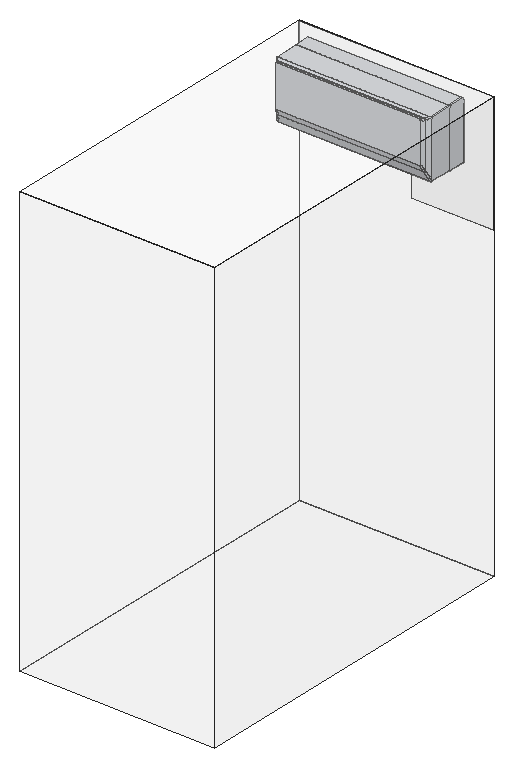
Revit family "pkfy-mp22_56lm_50hz", category 機械設備, Revit 2019
Family settings
  丸型コネクタ寸法 = 直径を使用
  パーツ タイプ = 標準
  OmniClass 番号 = 23.75.10.24.21.27.27
  OmniClass タイトル = Split System Air Conditioning Units
  作業面ベース = いいえ
  常に垂直 = はい
  ロード時にボイドで切り取り = いいえ
  共有 = いいえ
  部屋計算ポイント = はい
Parameters (values of type "壁掛_PKFY-MP22LM")
  風量_強 (m3/min) = 6.5
  風量_弱 (m3/min) = 5
  風量_中2 (m3/min) = 5.5
  風量_中 (m3/min) = 6
  風量 = MAX風量  # 390.0 m³/h
  音響パワーレベル_弱 (dB) = 45
  音響パワーレベル_中2 (dB) = 47
  音響パワーレベル_中 (dB) = 49
  音響パワーレベル_強 (dB) = 51
  音響パワーレベル(dB) = [音響パワーレベル_強 (dB)]  # 51
  電源種別 = ""
  電源_H = 0 mm
  電圧_電気ヒーター = 0 V
  電圧 = 200 V
  電動機出力_送風機 = 0.03 kW
  運転質量 = 0.00 kg
  連動 = ""
  質量 = if(製品質量 > 運転質量, 製品質量, 運転質量) * 1.2  # 13.32 kg
  負荷分類 = 3_ファン類
  構成品番 = "PKFY-MP22LM"
  冷媒液管位置-Z = 280 mm
  冷媒液管位置-Y = 28 mm
  冷媒液管位置-X = 178 mm
  冷媒ガス管位置-Z = 268 mm
  冷媒ガス管位置-Y = 28 mm
  冷媒ガス管位置-X = 192 mm
  ドレン管径 (外径) = 29 mm
  ドレン位置-Z = 274 mm
  ドレン位置-Y = 42 mm
  ドレン位置-X = 160 mm
  【値が0の項目は室外機にてご確認ください】 = ""
  URL = "https://www.mitsubishielectric.co.jp/ldg/wink/ssl/top.do"
  Space Top = 50 mm
  Space Right_1 = 260 mm
  Space Right = 150 mm
  Space Left = 50 mm
  Space Bot_2 = 250 mm
  Space Bot_1 = 7 mm
  MIN風量 = [風量_弱 (m3/min)] * 60.0 m³/h  # 300.0 m³/h
  MID風量2 = [風量_中2 (m3/min)] * 60.0 m³/h  # 330.0 m³/h
  MID風量 = [風量_中 (m3/min)] * 60.0 m³/h  # 360.0 m³/h
  MAX風量 = [風量_強 (m3/min)] * 60.0 m³/h  # 390.0 m³/h
  説明 = "ビル用マルチエアコン 壁掛形"
  設計暖房能力 = 0.00 kW
  設計冷房能力_顕熱 = 0 kW
  設計冷房能力 = 0 kW
  設置方法 = "壁掛形"
  記号 = ""
  製造元 = "三菱電機株式会社"
  製品質量 = 11.10 kg
  製品出荷対象 = "国内"
  製品リリース年月 = ""
  製品グループ = ""
  系統 = ""
  符号 = "PAC_WR"
  積算_科目 = "1 空気調和設備"
  積算_拾い区分 [instance] = ""
  相 = 1
  盤記号 = ""
  発停方法 = "付属スイッチ"
  特殊仕様 = ""
  火災停止 = ""
  消費電力_電気ヒーター = 0.00 kW
  消費電力_暖房 = 0.02 kW
  消費電力_加湿器 = 0.00 kW
  消費電力_冷房 = 0.02 kW
  消費電力 = if(消費電力_冷房 > 消費電力_暖房, 消費電力_冷房, 消費電力_暖房) + 消費電力_加湿器 + 消費電力_電気ヒーター  # 0.02 kW
  法定耐用年数 = "6"
  極数 = 1
  材質 = ""
  本体マテリアル = none
  有効加湿量 = 0
  暖房能力 = 2.50 kW
  推奨ブレーカー容量 = 0 A
  形式_加湿器 = ""
  形式 = "壁掛（露出）形"
  幹線記号 = ""
  始動方式 = "直入"
  呼称 = "室内機_壁掛（露出）形"
  周波数 = 50 Hz
  吊り位置Y = 0 mm
  吊り位置X = 0 mm
  吊りボルト_H = 0 mm
  台数_手元リモコン = ""
  台数_冷媒分岐ユニット = ""
  参照している仕様書等のバージョン = "公共建築工事標準仕様書（機械設備工事編）平成31年度版"
  加湿給水管径 = 0.00 mm
  分類コード = "5.0053E+13"
  分類グループ = ""
  冷房能力 = 2.2 kW
  冷媒高低圧ガス管径 = 0.00 mm
  冷媒管径符号 = "Ac"
  冷媒管径 = 100.00 mm
  冷媒液管径 = 6.35 mm
  冷媒ガス管径 = 12.70 mm
  企業コード = "108420"
  付属品_フィルター = ""
  付属品 = ""
  仕様書バージョン = "Version1.0"
  Model = ""
  パネルマテリアル = none
  ドレン管径 = 16.00 mm
  サービススペース = yes
  コメント [instance] = ""
  ケーブル種類 = ""
  ケーブルサイズ = 0 mm
  Width = 773 mm
  Uniclass2015Version = "Systems v1.9"
  Uniclass2015Title = "Split coil remote air cooled condensing units"
  Uniclass2015Code = "Pr_70_65_03_84"
  SpecificationReference = ""
  SpecificationDescription = ""
  S_H = 356 mm
  Revision = ""
  ProductInformation = ""
  OmniClassCode = "23-33 17 13 11"
  IfcTypeProduct = ""
  IfcProduct = ""
  IfcExportType = "AIRCONDITIONINGUNIT"
  IfcExportAs = "IfcUnitaryEquipmentType"
  Height = 299 mm
  Depth = 237 mm
  価格 = 0
  Clearance Top = 50 mm
  Clearance Right = 150 mm
  Clearance Left = 50 mm
  Clearance Front = 1500 mm
  Clearance Bottom = 1800 mm
  Clearance Back = 0 mm
  Author = "三菱電機株式会社"
Types (5, lengths in mm): name | 風量_強 (m3/min) | 風量_弱 (m3/min) | 風量_中2 (m3/min) | 風量_中 (m3/min) | 風量 | 音響パワーレベル_弱 (dB) | 音響パワーレベル_中2 (dB) | 音響パワーレベル_中 (dB) | 音響パワーレベル_強 (dB) | 音響パワーレベル(dB) | 質量 | 構成品番 | MIN風量 | MID風量2 | MID風量 | MAX風量 | 製品質量 | 消費電力_暖房 | 消費電力_冷房 | 消費電力 | 暖房能力 | 冷房能力 | Width
  壁掛_PKFY-MP22LM | 6.5 | 5 | 5.5 | 6 | 390.0 m³/h | 45 | 47 | 49 | 51 | 51 | 13.32 kg | "PKFY-MP22LM" | 300.0 m³/h | 330.0 m³/h | 360.0 m³/h | 390.0 m³/h | 11.10 kg | 0.02 kW | 0.02 kW | 0.02 kW | 2.50 kW | 2.2 kW | 773
  壁掛_PKFY-MP28LM | 6.9 | 5 | 5.6 | 6.2 | 414.0 m³/h | 45 | 48 | 50 | 52 | 52 | 13.32 kg | "PKFY-MP28LM" | 300.0 m³/h | 336.0 m³/h | 372.0 m³/h | 414.0 m³/h | 11.10 kg | 0.02 kW | 0.02 kW | 0.02 kW | 3.20 kW | 2.8 kW | 773
  壁掛_PKFY-MP36LM | 8.6 | 5 | 6.2 | 7.4 | 516.0 m³/h | 46 | 50 | 54 | 58 | 58 | 13.32 kg | "PKFY-MP36LM" | 300.0 m³/h | 372.0 m³/h | 444.0 m³/h | 516.0 m³/h | 11.10 kg | 0.03 kW | 0.03 kW | 0.03 kW | 4.00 kW | 3.6 kW | 773
  壁掛_PKFY-MP45LM | 10.1 | 6.2 | 7.4 | 8.6 | 606.0 m³/h | 47 | 50 | 53 | 57 | 57 | 15.36 kg | "PKFY-MP45LM" | 372.0 m³/h | 444.0 m³/h | 516.0 m³/h | 606.0 m³/h | 12.80 kg | 0.03 kW | 0.03 kW | 0.03 kW | 5.00 kW | 4.5 kW | 898
  壁掛_PKFY-MP56LM | 12.4 | 6.7 | 8.3 | 10.1 | 744.0 m³/h | 49 | 53 | 57 | 62 | 62 | 15.36 kg | "PKFY-MP56LM" | 402.0 m³/h | 498.0 m³/h | 606.0 m³/h | 744.0 m³/h | 12.80 kg | 0.04 kW | 0.04 kW | 0.04 kW | 6.30 kW | 5.6 kW | 898
Reference planes
  plane 1 "中心(正面/背面)": y = 0
  plane 2: z = 11
  plane 3 "中心(左/右)": x = 0
  plane 4: x = -386.5
  plane 5: x = 386.5
  plane 6: z = -288
  plane 7: y = -242
  plane 8: y = -5
  plane 9: x = 226.5
  plane 10: x = 194.5
  plane 11: x = 208.5
  plane 12: y = -28
  plane 13: y = -28
  plane 14: y = -42
  plane 15: z = -269
  plane 16: z = -257
  plane 17: z = -263
  plane 18: z = 61
  plane 19: x = -436.5
  plane 20: x = 536.5
  plane 21: z = -295
  plane 22: z = -538
  plane 23: x = 126.5
  plane 24: y = -1742
  plane 25: z = -2088
  plane 26: x = -436.5
  plane 27: x = 536.5
  plane 28: y = -28
  plane 29: x = 201.5
Forms (mm)
  Extrusion 1, solid, detail levels fine
    sketch origin (-88.875, 0, -1713) x (-1, 0, 0) y (0, 0, 1)
      loop
        line (-425.375, 1574) -> (-425.375, 1549) -> (-400.375, 1549) -> (-400.375, 1574) -> (-425.375, 1574)
    from -1 to 0
  Extrusion 2, solid, detail levels fine
    sketch origin (0, 0, 11) x (1, 0, 0) y (0, 1, 0)
      loop
        circle (201.5, -28) r 15
    from -274 to -268
Dimensions and locks
  equal spacing: plane 5, plane 3 "中心(左/右)", plane 4
  "Width": plane 5 to plane 4
  "Height": level to plane 6
  locked: plane 8 to plane 1 "中心(正面/背面)" at 5
  "Depth": plane 7 to plane 8
  "ドレン位置-X": plane 5 to plane 9
  "冷媒ガス管位置-X": plane 5 to plane 10
  "冷媒液管位置-X": plane 5 to plane 11
  "ドレン位置-Z": level to plane 17
  "冷媒ガス管位置-Z": level to plane 16
  "冷媒液管位置-Z": level to plane 15
  "Space Top": plane 18 to level
  "Space Left": plane 4 to plane 19
  "Space Right": plane 20 to plane 5
  "Space Bot_1": plane 6 to plane 21
  "Space Bot_2": plane 6 to plane 22
  "Space Right_1": plane 5 to plane 23
  "Clearance Front": plane 24 to plane 7
  "Clearance Bottom": plane 6 to plane 25
  "Clearance Left": plane 4 to plane 26
  "Clearance Right": plane 27 to plane 5
  plane 5 to Extrusion 1 sketch curve = 50 mm
  "Clearance Top": nested 2 to plane 2
  "冷媒液管位置-Y": plane 13 to plane 1 "中心(正面/背面)"
  "ドレン位置-Y": plane 14 to plane 1 "中心(正面/背面)"
  "冷媒ガス管位置-Y": plane 12 to plane 1 "中心(正面/背面)"
  equal spacing: plane 10, plane 29, plane 11
  aligned and locked: level to plane 2
  aligned and locked: plane 1 "中心(正面/背面)" to nested 1
  aligned and locked: level to nested 1
  aligned and locked: plane 1 "中心(正面/背面)" to nested 2
  aligned and locked: plane 24 to nested 2
  aligned and locked: plane 25 to nested 2
  aligned and locked: plane 26 to nested 2
  aligned and locked: plane 27 to nested 2
  aligned and locked: plane 18 to nested 2
  aligned and locked: plane 1 "中心(正面/背面)" to nested 3
  aligned and locked: plane 3 "中心(左/右)" to nested 3
  aligned and locked: Extrusion 2 to plane 17
Automatic sketch dimensions
  Extrusion 1 sketch curve to plane 5 = 75 mm
  Extrusion 1 sketch curve to Extrusion 1 sketch curve = 25 mm
  plane 16 to Extrusion 1 sketch curve = 93 mm
  plane 12 to Extrusion 2 sketch curve = 0 mm
  Extrusion 2 sketch curve to plane 29 = 0 mm
  radius of Extrusion 2 sketch curve = 15 mm
Nested families
  nested 1: "pkfy-mp22_56lm" at (0, 0, 10), type "pkfy-mp22_56lm", detail levels fine
    with 冷媒ガス管位置-X 192 mm, Width 773 mm
  nested 2: "サービススペース" at (50, -871, -1013.5), visible <- "サービススペース", type "サービススペース"
    with Width 973 mm, Height 2149 mm, Depth 1742 mm
  nested 3: "Space View" at (0, 0, 11), Bot_1 <- "Space Bot_1", Bot_2 <- "Space Bot_2", Hight <- "Height", Left <- "Space Left", Right <- "Space Right", Right_1 <- "Space Right_1", Top <- "Space Top", Width <- "Width", type "Space View"
    with Width 773 mm, Top 50 mm, Space View yes, Right_1 260 mm, Right 150 mm, Left 50 mm, Hight 299 mm, Bot_2 250 mm, Bot_1 7 mm
Connectors
  electrical at (324, 0, -151.5), driven by "極数", driven by "負荷分類", driven by "電圧", driven by "消費電力"
    settings: on Extrusion 1, index 3, voltage 200 V, apparent load 20 VA, apparent load phase1 0 VA, apparent load phase2 0 VA, apparent load phase3 0 VA, power factor 1, load classification "3_ファン類", number of poles 1, system type 30, power factor state 1, is connector primary yes, connector utility no, sub classification motor no, connector description ""
  piping at (226.5, -42, -263), diameter 29, driven by "ドレン管径 (外径)"
    settings: on nested 1, index 4, connector inside diameter 609.60 mm, connector length 0 mm, flow factor 0, pipe flow 0.0 L/s, pressure drop 0.0 Pa, fitting loss kfactor 0, connector angle 0.00°, fixture units 0, engagement length 0 mm, angle of deflection 0.00°, flow configuration 1, flow direction 2, fitting loss method 4, system type 16, joint type 0, gender type 0, connector reference index -1, connector utility 0, adjustable connector no, is connector primary yes, connector description ""
  piping at (201.5, -28, -263), diameter 100, driven by "冷媒管径"
    settings: on Extrusion 2, index 5, connector inside diameter 609.60 mm, connector length 0 mm, flow factor 0, pipe flow 0.0 L/s, pressure drop 0.0 Pa, fitting loss kfactor 0, connector angle 0.00°, fixture units 0, engagement length 0 mm, angle of deflection 0.00°, flow configuration 1, flow direction 1, fitting loss method 4, system type 7, joint type 0, gender type 0, connector reference index -1, connector utility 0, adjustable connector no, is connector primary no, connector description ""
Definition of nested family "pkfy-mp22_56lm"
  Parameters (values of type "pkfy-mp22_56lm")
    壁掛_PKFY-MP22-56LM = yes
    冷媒液管位置-Y = 28 mm  # constant formula
    冷媒液管位置-X = 178 mm
    冷媒ガス管位置-Y = 28 mm  # constant formula
    冷媒ガス管位置-X = 190 mm
    ドレン管径 (外径) = 29 mm
    ドレン位置-Y = 42 mm  # constant formula
    ドレン位置-X = 160 mm
    URL = ""
    Description = ""
    Manufacturer = ""
    冷媒管径符号 = "Ac"
    冷媒管径 = 100.00 mm
    冷媒液管位置-Z = 299 mm - 19 mm  # 280 mm
    冷媒液管径 = 6.35 mm
    冷媒ガス管位置-Z = 299 mm - 25 mm  # 274 mm
    冷媒ガス管径 = 12.70 mm
    Model = ""
    ドレン位置-Z = 299 mm - 31 mm  # 268 mm
    ドレン管径 = 16.00 mm
    Width = 898 mm
    S_H = 356 mm
    Height = 299 mm
    Depth = 237 mm
    Cost = 0
  Reference planes
    plane 1 "中心(正面/背面)": y = 0
    plane 2: z = 1
    plane 3 "中心(左/右)": x = 0
    plane 4 "UNDER": z = -298
    plane 5 "左": x = -449
    plane 6 "右": x = 449
    plane 7 "Fkidasi_L": x = -400
    plane 8 "Fkidasi_Y": x = 250
    plane 9: y = -5
    plane 10: y = -242
    plane 11: z = -279
    plane 12: z = -273
    plane 13: z = -267
    plane 14: z = 1
    plane 15: x = 289
    plane 16: x = 271
    plane 17: x = 259
    plane 18: y = -28
    plane 19: y = -42
    plane 20: z = -99
  Forms (mm)
    Extrusion 1, void, detail levels fine
      sketch origin (0, 75, -2499) x (0, -1, 0) y (0, 0, 1)
        loop
          line (89, 2500) -> (80, 2500) -> (80, 2487) -> (89, 2500)
      from 449 to -449
    Extrusion 2, solid, visible <- "壁掛_PKFY-MP22-56LM", detail levels fine
      sketch origin (0, 0, -2509.072) x (-1, 0, 0) y (0, 0, 1)
        loop
          line (449, 2485.072) -> (-449, 2485.072) -> (-449, 2224.072) -> (449, 2224.072) -> (449, 2485.072)
      from 0 to -5
    Extrusion 3, solid, visible <- "壁掛_PKFY-MP22-56LM", detail levels fine
      sketch origin (0, -5, -2499) x (0, 0, -1) y (-1, 0, 0)
        loop
          line (-2500, 444) -> (-2500, -444)
          arc (-2500, -444) -> (-2498.536, -447.536) -> (-2495, -449) r 5
          line (-2495, -449) -> (-2206, -449)
          arc (-2206, -449) -> (-2202.464, -447.536) -> (-2201, -444) r 5
          line (-2201, -444) -> (-2201, 444)
          arc (-2201, 444) -> (-2202.464, 447.536) -> (-2206, 449) r 5
          line (-2206, 449) -> (-2495, 449)
          arc (-2495, 449) -> (-2498.536, 447.536) -> (-2500, 444) r 5
      from 0 to -83
    Blend 4, solid, visible <- "壁掛_PKFY-MP22-56LM"
      base sketch origin (0, -202, -1799) x (0, 0, 1) y (1, 0, 0)
        loop
          line (1796, -444) -> (1796, 444)
          arc (1796, 444) -> (1794.536, 447.536) -> (1791, 449) r 5
          line (1791, 449) -> (1515, 449)
          arc (1515, 449) -> (1508.636, 446.364) -> (1506, 440) r 9
          line (1506, 440) -> (1506, -440)
          arc (1506, -440) -> (1508.636, -446.364) -> (1515, -449) r 9
          line (1515, -449) -> (1791, -449)
          arc (1791, -449) -> (1794.536, -447.536) -> (1796, -444) r 5
      top sketch origin (0, -202, -1799) x (0, 0, 1) y (1, 0, 0)
        loop
          line (1793, -427) -> (1793, 427)
          arc (1793, 427) -> (1791.536, 430.536) -> (1788, 432) r 5
          line (1788, 432) -> (1559, 432)
          arc (1559, 432) -> (1555.464, 430.536) -> (1554, 427) r 5
          line (1554, 427) -> (1554, -427)
          arc (1554, -427) -> (1555.464, -430.536) -> (1559, -432) r 5
          line (1559, -432) -> (1788, -432)
          arc (1788, -432) -> (1791.536, -430.536) -> (1793, -427) r 5
      from 0 to -25
    Blend 5, solid, visible <- "壁掛_PKFY-MP22-56LM", detail levels fine
      base sketch origin (0, -227, -1799) x (0, 0, 1) y (1, 0, 0)
        loop
          arc (1793, 427) -> (1791.536, 430.536) -> (1788, 432) r 5
          line (1788, 432) -> (1559, 432)
          arc (1559, 432) -> (1555.464, 430.536) -> (1554, 427) r 5
          line (1554, 427) -> (1554, -427)
          arc (1554, -427) -> (1555.464, -430.536) -> (1559, -432) r 5
          line (1559, -432) -> (1788, -432)
          arc (1788, -432) -> (1791.536, -430.536) -> (1793, -427) r 5
          line (1793, -427) -> (1793, 427)
      top sketch origin (0, -227, -1799) x (0, 0, 1) y (1, 0, 0)
        loop
          line (1793, -419) -> (1793, 419)
          arc (1793, 419) -> (1791.536, 422.536) -> (1788, 424) r 5
          line (1788, 424) -> (1590, 424)
          arc (1590, 424) -> (1586.464, 422.536) -> (1585, 419) r 5
          line (1585, 419) -> (1585, -419)
          arc (1585, -419) -> (1586.464, -422.536) -> (1590, -424) r 5
          line (1590, -424) -> (1788, -424)
          arc (1788, -424) -> (1791.536, -422.536) -> (1793, -419) r 5
      from 0 to -15
    Blend 6, solid, visible <- "壁掛_PKFY-MP22-56LM", detail levels fine
      base sketch origin (62.5, -88, -1799) x (0, 0, 1) y (1, 0, 0)
        loop
          arc (1800, 381.5) -> (1798.536, 385.036) -> (1795, 386.5) r 5
          line (1795, 386.5) -> (1506, 386.5)
          arc (1506, 386.5) -> (1502.464, 385.036) -> (1501, 381.5) r 5
          line (1501, 381.5) -> (1501, -506.5)
          arc (1501, -506.5) -> (1502.464, -510.036) -> (1506, -511.5) r 5
          line (1506, -511.5) -> (1795, -511.5)
          arc (1795, -511.5) -> (1798.536, -510.036) -> (1800, -506.5) r 5
          line (1800, -506.5) -> (1800, 381.5)
      top sketch origin (62.5, -88, -1799) x (0, 0, 1) y (1, 0, 0)
        loop
          line (1796, -506.5) -> (1796, 381.5)
          arc (1796, 381.5) -> (1794.536, 385.036) -> (1791, 386.5) r 5
          line (1791, 386.5) -> (1511, 386.5)
          arc (1511, 386.5) -> (1507.464, 385.036) -> (1506, 381.5) r 5
          line (1506, 381.5) -> (1506, -502.5)
          arc (1506, -502.5) -> (1508.636, -508.864) -> (1515, -511.5) r 9
          line (1515, -511.5) -> (1791, -511.5)
          arc (1791, -511.5) -> (1794.536, -510.036) -> (1796, -506.5) r 5
      from 0 to -114
    Extrusion 7, solid, visible <- "壁掛_PKFY-MP22-56LM", detail levels fine
      sketch origin (0, 0, 1) x (1, 0, 0) y (0, 1, 0)
        loop
          circle (259, -28) r 6.35
      from -268 to -100
    Extrusion 8, solid, visible <- "壁掛_PKFY-MP22-56LM", detail levels fine
      sketch origin (0, 0, 1) x (1, 0, 0) y (0, 1, 0)
        loop
          circle (271, -28) r 3.175
      from -280 to -100
    Extrusion 9, solid, visible <- "壁掛_PKFY-MP22-56LM", detail levels fine
      sketch origin (0, 0, 1) x (1, 0, 0) y (0, 1, 0)
        loop
          circle (289, -42) r 8
      from -274 to -100
    Extrusion 10, solid, visible <- "壁掛_PKFY-MP22-56LM", detail levels fine
      sketch origin (0, 0, 1) x (1, 0, 0) y (0, 1, 0)
        loop
          circle (289, -42) r 14.5
      from -274 to -100
  Cuts and joins
    Extrusion 1 cuts Extrusion 3
  Lines and regions (mm)
    model lines, visible <- "壁掛_PKFY-MP22-56LM", detail levels fine
      curve 1: line (250, -5, -298) -> (250, -54, -298)
      curve 2: line (268, -72, -298) -> (319, -72, -298)
      curve 3: line (337, -54, -298) -> (337, -5, -298)
      curve 4: line (300, -54, -298) -> (300, -5, -298)
      curve 5: arc (268, -72, -298) -> (255.272, -66.728, -298) -> (250, -54, -298) r 18
      curve 6: arc (282, -72, -298) -> (294.728, -66.728, -298) -> (300, -54, -298) r 18
      curve 7: arc (319, -72, -298) -> (331.728, -66.728, -298) -> (337, -54, -298) r 18
      curve 8: line (-430, -5, -298) -> (-430, -54, -298)
      curve 9: line (-412, -72, -298) -> (-378, -72, -298)
      curve 10: line (-360, -54, -298) -> (-360, -5, -298)
      curve 11: line (-409.5, -53.123, -298) -> (-409.5, -5, -298)
      curve 12: arc (-412, -72, -298) -> (-424.728, -66.728, -298) -> (-430, -54, -298) r 18
      curve 13: arc (-409.5, -53.123, -298) -> (-404.977, -65.481, -298) -> (-393.546, -72, -298) r 19.145
      curve 14: arc (-360, -54, -298) -> (-365.272, -66.728, -298) -> (-378, -72, -298) r 18
      curve 15: line (366.5, -202, -293) -> (366.5, -208.929, -279.696)
      curve 16: line (366.5, -208.929, -279.696) -> (326.5, -208.929, -279.696)
      curve 17: line (326.5, -208.929, -279.696) -> (326.5, -202, -293)
      curve 18: line (326.5, -202, -293) -> (326.5, -188.513, -293.592)
      curve 19: line (326.5, -188.513, -293.592) -> (366.5, -188.513, -293.592)
      curve 20: line (366.5, -188.513, -293.592) -> (366.5, -202, -293)
      curve 21: line (449, -5, -235) -> (449, -52, -235)
      curve 22: line (449, -70, -253) -> (449, -70, -276)
      curve 23: line (449, -58, -288) -> (449, -5, -288)
      curve 24: line (449, -49.143, -247) -> (449, -5, -247)
      curve 25: arc (449, -58, -288) -> (449, -66.485, -284.485) -> (449, -70, -276) r 12
      curve 26: arc (449, -52, -235) -> (449, -64.728, -240.272) -> (449, -70, -253) r 18
      curve 27: arc (449, -70, -267.857) -> (449, -63.891, -253.109) -> (449, -49.143, -247) r 20.857
      curve 28: line (-449, -5, -288) -> (-449, -58, -288)
      curve 29: line (-449, -70, -276) -> (-449, -70, -242)
      curve 30: line (-449, -52, -224) -> (-449, -5, -224)
      curve 31: line (-449, -5, -244) -> (-449, -52, -244)
      curve 32: arc (-449, -58, -288) -> (-449, -66.485, -284.485) -> (-449, -70, -276) r 12
      curve 33: arc (-449, -70, -242) -> (-449, -64.728, -229.272) -> (-449, -52, -224) r 18
      curve 34: arc (-449, -70, -262) -> (-449, -64.728, -249.272) -> (-449, -52, -244) r 18
      curve 35: line (-400, -227, -245) -> (-400, -202, -293)
      curve 36: line (250, -227, -245) -> (250, -202, -293)
      curve 37: line (250, -202, -293) -> (250, -88, -298)
      curve 38: line (-400, -200.122, -293.082) -> (-400, -88, -298)
  Dimensions and locks
    "Width": plane 5 "左" to plane 6 "右"
    plane 5 "左" to plane 3 "中心(左/右)" to plane 6 "右" = 449 mm, 449 mm
    equal spacing: plane 5 "左", plane 3 "中心(左/右)", plane 6 "右"  (x2)
    "Depth": plane 9 to plane 10
    "ドレン位置-Z": level to plane 13
    "冷媒ガス管位置-Z": level to plane 12
    "冷媒液管位置-Z": level to plane 11
    "Height": level to plane 4 "UNDER"
    locked: plane 9 to plane 1 "中心(正面/背面)" at 5
    plane 5 "左" to plane 6 "右" = 898 mm
    plane 8 "Fkidasi_Y" to plane 6 "右" = 199 mm
    locked: plane 5 "左" to plane 7 "Fkidasi_L" at 49
    plane 1 "中心(正面/背面)" to plane 9 = 5 mm
    plane 9 to plane 10 = 237 mm
    locked: plane 6 "右" to Blend 4 sketch curve at 17
    locked: plane 5 "左" to Blend 4 sketch curve at 17
    locked: plane 5 "左" to Blend 5 sketch curve at 25
    locked: plane 6 "右" to Blend 5 sketch curve at 25
    locked: plane 5 "左" to Blend 5 sketch curve at 17
    locked: plane 6 "右" to Blend 5 sketch curve at 17
    plane 7 "Fkidasi_L" to plane 8 "Fkidasi_Y" = 650 mm
    "ドレン位置-X": plane 6 "右" to plane 15
    "冷媒液管位置-X": plane 6 "右" to plane 16
    "冷媒ガス管位置-X": plane 6 "右" to plane 17
    plane 18 to plane 1 "中心(正面/背面)" = 28 mm
    plane 19 to plane 1 "中心(正面/背面)" = 42 mm
    plane 15 to plane 6 "右" = 160 mm
    plane 16 to plane 6 "右" = 178 mm
    plane 17 to plane 6 "右" = 190 mm
    plane 11 to plane 4 "UNDER" = 19 mm
    plane 13 to plane 4 "UNDER" = 31 mm
    plane 12 to plane 4 "UNDER" = 25 mm
    level to plane 20 = 100 mm
    "冷媒ガス管径": diameter of Extrusion 7 sketch curve
    "冷媒液管径": diameter of Extrusion 8 sketch curve
    "ドレン管径": diameter of Extrusion 9 sketch curve
    "ドレン管径 (外径)": diameter of Extrusion 10 sketch curve
    aligned and locked: level to plane 2
    aligned and locked: plane 10 to Blend 5
    aligned and locked: Extrusion 2 sketch curve to plane 6 "右"
    aligned and locked: Extrusion 2 sketch curve to plane 5 "左"
    aligned and locked: Extrusion 3 sketch curve to plane 5 "左"
    aligned and locked: Extrusion 3 sketch curve to plane 6 "右"
    aligned and locked: Extrusion 2 to Extrusion 1
    aligned and locked: plane 5 "左" to Extrusion 1
    aligned and locked: Blend 6 sketch curve to plane 5 "左"
    aligned and locked: Blend 6 sketch curve to plane 6 "右"
    aligned and locked: plane 5 "左" to Blend 6 sketch curve
    aligned and locked: plane 6 "右" to Blend 6 sketch curve
    aligned and locked: Blend 4 sketch curve to plane 5 "左"
    aligned and locked: Blend 4 sketch curve to plane 6 "右"
    aligned and locked: plane 7 "Fkidasi_L" to curve 38
    aligned and locked: plane 7 "Fkidasi_L" to curve 35
    aligned and locked: plane 8 "Fkidasi_Y" to curve 37
    aligned and locked: plane 8 "Fkidasi_Y" to curve 36
    aligned and locked: plane 17 to Extrusion 7 sketch curve
    aligned and locked: plane 18 to Extrusion 7 sketch curve
    aligned and locked: plane 16 to Extrusion 8 sketch curve
    aligned and locked: plane 18 to Extrusion 8 sketch curve
    aligned and locked: plane 20 to Extrusion 8
    aligned and locked: plane 20 to Extrusion 7
    aligned and locked: Extrusion 8 to plane 11
    aligned and locked: Extrusion 7 to plane 13
    aligned and locked: plane 15 to Extrusion 9 sketch curve
    aligned and locked: plane 19 to Extrusion 9 sketch curve
    aligned and locked: plane 15 to Extrusion 10 sketch curve
    aligned and locked: plane 19 to Extrusion 10 sketch curve
    aligned and locked: Extrusion 10 to plane 12
    aligned and locked: Extrusion 9 to plane 12
    aligned and locked: plane 20 to Extrusion 10
    aligned and locked: plane 20 to Extrusion 9
  Automatic sketch dimensions
    Extrusion 1 sketch curve to plane 9 = 0 mm
    Extrusion 1 sketch curve to plane 9 = 9 mm
    Extrusion 2 sketch curve to level = 286 mm
    Extrusion 3 sketch curve to level = 299 mm
    Extrusion 3 sketch curve to level = 294 mm  (x2)
    Blend 4 sketch curve to level = 294 mm
    Blend 4 sketch curve to Blend 4 sketch curve = 9 mm  (x2)
    Blend 4 sketch curve to plane 6 "右" = 5 mm
    Blend 4 sketch curve to level = 246 mm
    Blend 4 sketch curve to Blend 4 sketch curve = 5 mm  (x4)
    Blend 5 sketch curve to level = 246 mm
    Blend 5 sketch curve to Blend 5 sketch curve = 5 mm  (x7)
    Blend 5 sketch curve to level = 215 mm
    Blend 6 sketch curve to level = 299 mm
    Blend 6 sketch curve to level = 294 mm  (x3)
    Blend 6 sketch curve to plane 6 "右" = 5 mm  (x2)
    Blend 6 sketch curve to Blend 6 sketch curve = 9 mm
    curve 11 to Extrusion 3 = 0 mm
    curve 1 to Extrusion 3 = 0 mm
    curve 8 to Extrusion 3 = 0 mm
    curve 4 to Extrusion 3 = 0 mm
    curve 3 to Extrusion 3 = 0 mm
    curve 10 to Extrusion 3 = 0 mm
    curve 13 to Extrusion 3 = 34.877 mm
    curve 12 to curve 13 = 0.877 mm
    curve 10 to curve 13 = 0.877 mm
    curve 3 to Extrusion 3 = 34 mm
    curve 4 to curve 7 = 0 mm
    curve 9 to Extrusion 3 = 16 mm
    curve 2 to Extrusion 3 = 16 mm
    Extrusion 3 to curve 3 = 107 mm
    curve 7 to curve 4 = 19 mm
    curve 6 to curve 2 = 14 mm
    Extrusion 3 to curve 10 = 84 mm
    curve 14 to curve 13 = 12.355 mm
    curve 13 to curve 11 = 19.145 mm
    curve 13 to curve 12 = 2.5 mm
    curve 35 to Blend 4 = 0 mm
    Blend 4 to curve 35 = 0 mm
    Blend 4 to curve 36 = 0 mm
    curve 36 to Blend 4 = 0 mm
    curve 17 to Blend 4 = 0 mm
    curve 15 to Blend 4 = 0 mm
    Blend 4 to curve 17 = 15 mm
    curve 17 to Blend 4 = 106.857 mm
    curve 16 to curve 15 = 40 mm
    curve 36 to curve 17 = 76.5 mm
    curve 35 to curve 36 = 650 mm
    curve 38 to Blend 6 = 0 mm
    curve 37 to Blend 6 = 0 mm
    Blend 6 to curve 37 = 0 mm
    Blend 6 to curve 18 = 0 mm
    Blend 6 to curve 20 = 0 mm
    Blend 6 to curve 19 = 13.5 mm
    curve 19 to Blend 6 = 117.5 mm
    curve 18 to curve 19 = 40 mm
    curve 37 to curve 18 = 76.5 mm
    curve 38 to curve 37 = 650 mm
    Blend 6 to curve 38 = 1.879 mm
    Extrusion 1 sketch curve to level = 13 mm
    Extrusion 1 sketch curve to level = 0 mm
    Extrusion 2 sketch curve to level = 25 mm
    Extrusion 3 sketch curve to level = 5 mm  (x2)
    Extrusion 3 sketch curve to level = 0 mm
    Blend 4 sketch curve to level = 9 mm  (x2)
    Blend 4 sketch curve to level = 12 mm
    Blend 5 sketch curve to level = 12 mm  (x3)
    Blend 6 sketch curve to level = 5 mm  (x2)
    Blend 6 sketch curve to level = 0 mm
    Blend 6 sketch curve to level = 9 mm
    curve 5 to curve 6 = 0 mm
    curve 23 to plane 9 = 0 mm
    curve 24 to plane 9 = 0 mm
    curve 21 to plane 9 = 0 mm
    curve 23 to plane 11 = 9 mm
    curve 22 to plane 12 = 3 mm
    plane 12 to curve 27 = 5.143 mm
    curve 27 to curve 26 = 14.857 mm
    curve 26 to curve 24 = 6 mm
    curve 27 to curve 21 = 12 mm
    curve 24 to plane 9 = 44.143 mm
    curve 30 to plane 9 = 0 mm
    curve 31 to plane 9 = 0 mm
    curve 28 to plane 9 = 0 mm
    plane 12 to curve 30 = 49 mm
    curve 30 to curve 29 = 18 mm
    curve 33 to curve 31 = 2 mm
    plane 12 to curve 34 = 11 mm
    curve 29 to plane 12 = 3 mm
    curve 28 to plane 11 = 9 mm
    curve 30 to plane 9 = 47 mm
    Blend 6 sketch curve to plane 5 "左" = 5 mm
Definition of nested family "サービススペース"
  Parameters (values of type "サービススペース")
    Width [instance] = 500 mm
    Height [instance] = 500 mm
    Depth [instance] = 500 mm
  Reference planes
    plane 1 "中心(正面/背面)": y = 0
    plane 2: z = 0
    plane 3 "中心(左/右)": x = 0
    plane 4: y = -250
    plane 5: x = 250
    plane 6: y = 250
    plane 7: x = -250
    plane 8: z = 250
    plane 9: z = -250
  Forms (mm)
    Extrusion 1, solid
      sketch origin (-638.939, 0, 72.39) x (1, 0, 0) y (0, 1, 0)
        loop
          line (388.939, 250) -> (388.939, -250) -> (888.939, -250) -> (888.939, 250) -> (388.939, 250)
      from -322.39 to 177.61
  Lines and regions (mm)
    symbolic lines
      curve 1: line (-250, 0, 250) -> (250, 0, 250)
      curve 2: line (-250, 0, -250) -> (-250, 0, 250)
      curve 3: line (250, 0, -250) -> (-250, 0, -250)
      curve 4: line (250, 0, 250) -> (250, 0, -250)
      curve 5: line (0, -250, 250) -> (0, 250, 250)
      curve 6: line (0, -250, -250) -> (0, -250, 250)
      curve 7: line (0, 250, -250) -> (0, -250, -250)
      curve 8: line (0, 250, 250) -> (0, 250, -250)
      curve 9: line (-250, 250, 0) -> (250, 250, 0)
      curve 10: line (-250, -250, 0) -> (-250, 250, 0)
      curve 11: line (250, -250, 0) -> (-250, -250, 0)
      curve 12: line (250, 250, 0) -> (250, -250, 0)
  Dimensions and locks
    equal spacing: plane 7, plane 3 "中心(左/右)", plane 5
    equal spacing: plane 4, plane 1 "中心(正面/背面)", plane 6
    "Depth": plane 4 to plane 6
    "Width": plane 7 to plane 5
    equal spacing: plane 8, plane 2, plane 9
    "Height": plane 8 to plane 9
    aligned and locked: plane 9 to curve 3
    aligned and locked: plane 7 to curve 2
    aligned and locked: curve 4 to plane 5
    aligned and locked: plane 5 to Extrusion 1
    aligned and locked: Extrusion 1 to plane 7
    aligned and locked: Extrusion 1 to plane 9
    aligned and locked: plane 8 to Extrusion 1
    aligned and locked: plane 9 to curve 7
  Automatic sketch dimensions
    plane 4 to Extrusion 1 sketch curve = 0 mm
    Extrusion 1 sketch curve to plane 7 = 0 mm
    Extrusion 1 sketch curve to plane 5 = 0 mm
    plane 6 to Extrusion 1 sketch curve = 0 mm
    curve 2 to plane 8 = 0 mm
    plane 4 to curve 11 = 0 mm
    curve 11 to plane 7 = 0 mm
    curve 11 to plane 5 = 0 mm
    plane 6 to curve 10 = 0 mm
    curve 7 to plane 4 = 0 mm
    curve 7 to plane 6 = 0 mm
    curve 6 to plane 8 = 0 mm
Definition of nested family "Space View"
  Parameters (values of type "Space View")
    Width [instance] = 898 mm
    Top [instance] = 50 mm
    Space View [instance] = yes
    Right_1 [instance] = 260 mm
    Right [instance] = 150 mm
    Left [instance] = 50 mm
    Hight [instance] = 299 mm
    Bot_2 [instance] = 250 mm
    Bot_1 [instance] = 7 mm
  Reference planes
    plane 1 "Center (Front/Back)": y = 0
    plane 2: z = 0
    plane 3 "Center (Left/Right)": x = 0
    plane 4: x = -499
    plane 5: z = 50
    plane 6: x = 599
    plane 7: z = -306
    plane 8: z = -549
    plane 9: x = -449
    plane 10: x = 449
    plane 11: z = -299
    plane 12: x = 189
  Forms (mm)
    Extrusion 1, solid, visible <- "Space View"
      sketch origin (0, 0, -1800) x (-1, 0, 0) y (0, 0, 1)
        loop
          line (499, 1850) -> (-599, 1850) -> (-599, 1251) -> (-189, 1251) -> (-189, 1494) -> (499, 1494) -> (499, 1850)
      from 0 to -1
  Dimensions and locks
    equal spacing: plane 10, plane 3 "Center (Left/Right)", plane 9
    "Width": plane 10 to plane 9
    "Right": plane 10 to plane 6
    "Left": plane 9 to plane 4
    "Hight": level to plane 11
    "Bot_1": plane 11 to plane 7
    "Bot_2": plane 11 to plane 8
    "Top": plane 5 to level
    "Right_1": plane 12 to plane 10
    aligned and locked: level to plane 2
    aligned and locked: Extrusion 1 to plane 4
    aligned and locked: plane 5 to Extrusion 1
    aligned and locked: plane 6 to Extrusion 1
    aligned and locked: plane 7 to Extrusion 1
    aligned and locked: plane 8 to Extrusion 1
    aligned and locked: plane 5 to Extrusion 1 sketch curve
    aligned and locked: Extrusion 1 sketch curve to plane 4
    aligned and locked: Extrusion 1 sketch curve to plane 7
    aligned and locked: Extrusion 1 sketch curve to plane 8
    aligned and locked: Extrusion 1 sketch curve to plane 6
    aligned and locked: plane 12 to Extrusion 1
  Automatic sketch dimensions
    plane 10 to Extrusion 1 sketch curve = 260 mm
